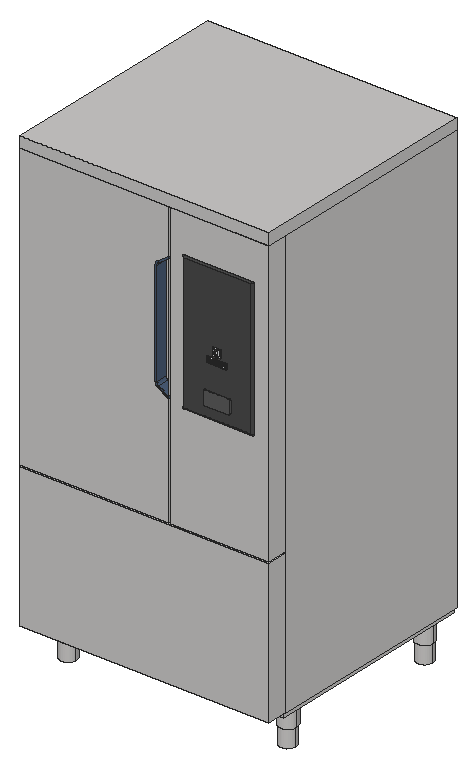
Revit family "QF_ELECTROLUXPROFESSIONAL_725427_EBFA11ET", category Attrezzature speciali, Revit 2018
Family settings
  Quota connettore circolare = Usa diametro
  Tipo di parte = Normale
  Basato su piano di lavoro = No
  Sempre verticale = Sì
  Taglio con vuoti quando caricato = No
  Condiviso = No
  Punto di calcolo locali = No
Parameters (values of type "Standard")
  Weight = 233.00 kg
  Watts = 4150 W
  Volts = 380 V
  URL Manufacturer = "https://www.electroluxprofessional.com/"
  URL = "https://www.electroluxprofessional.com/"
  Steam Supply Size = 0 mm
  Steam Supply Minimum Pressure = 0.0 Pa
  Steam Supply Maximum Pressure = 0.0 Pa
  Steam Consumption per Hour = 0
  Show Logo [instance] = yes
  Show Clearance [instance] = yes
  Refrigeration Suction Line Size = 0 mm
  Refrigeration Liquid Line Size = 0 mm
  Refrigerant Compressor Remote = yes
  Produttore = "Electrolux Professional"
  Phase = 3
  Modello = "EBFA11ET"
  Length Actual = 895 mm  # constant formula
  Item Number = "725427"
  Hot Water Size = 0 mm
  Height Actual = 1731 mm  # constant formula
  HP = "5.6 HP"
  Gas Size = 0 mm
  Gas KW = 0
  Gas Input Pressure = 0 W
  Direct Waste Size = 139.7 mm
  Descrizione = "SKYLINE CHILLS BLAST CHILLER FREEZER 50/50KG 10 GN 1/1 - WITH IOT MODULE"
  Depth Actual = 939 mm  # constant formula
  Cycle = 50 Hz
  Condensate Return Size = 0 mm
  Compressed Air Volume = 0.0 L/s
  Compressed Air Size = 0 mm
  Compressed Air Pressure = 0.0 Pa
  Cold Water Size = 0 mm
  Accessory = yes
Types (2, lengths in mm): name | URL | Produttore | Phase | Modello | Direct Waste Size | Descrizione
  (no name) | 0 | 0 | 0 | 0 | 0 | 0
  Standard | "https://www.electroluxprofessional.com/" | "Electrolux Professional" | 3 | "EBFA11ET" | 139.7 | "SKYLINE CHILLS BLAST CHILLER FREEZER 50/50KG 10 GN 1/1 - WITH IOT MODULE"
Values of the unnamed type that differ from the named types
  Weight = 0.00 kg
  Watts = 0 W
  Volts = 0 V
  URL Manufacturer = ""
  Item Number = ""
  HP = ""
  Cycle = 0 Hz
Reference planes
  plane 1 "Center X": y = 126.851
  plane 2: z = 0
  plane 3 "Center Y": x = -311.5
  plane 4 "LEFT": x = -759
  plane 5 "BACK": y = 549.851
  plane 6 "RIGHT": x = 136
  plane 7 "FRONT": y = -296.149
  plane 8: z = 130
  plane 9 "TOP": z = 1731
  plane 10: x = -707
  plane 11: y = 471.851
  plane 12: x = 84
  plane 13: y = -144.149
  plane 14: y = 642.851
  plane 15: z = 1691
  plane 16: y = -832.149
Forms (mm)
  Extrusion 1, solid, material "QF_Finishes_Stainless Steel"
    sketch origin (0, 0, 1731) x (-1, 0, 0) y (0, -1, 0)
      loop
        line (759, -549.851) -> (759, 219.149) -> (-136, 219.149) -> (-136, -549.851) -> (759, -549.851)
    from -40 to -1580.98
  Extrusion 2, solid, material "QF_Finishes_Stainless Steel"
    sketch origin (-85.727, 549.851, 1983) x (1, 0, 0) y (0, 0, -1)
      loop
        circle (121.727, 1473) r 10.5
    from 0 to 10
  Extrusion 3, solid, material "QF_Finishes_Stainless Steel"
    sketch origin (-1206.916, -1524, 130) x (-1, 0, 0) y (0, -1, 0)
      loop
        line (-447.916, -1227.851) -> (-1342.916, -1227.851) -> (-1342.916, -1302.851) -> (-447.916, -1302.851) -> (-447.916, -1227.851)
    from 532.599 to 20.02
  Extrusion 4, solid, material "QF_Finishes_Stainless Steel"
    sketch origin (-1206.916, -1524, 130) x (-1, 0, 0) y (0, -1, 0)
      loop
        line (-456.916, -2073.851) -> (-456.916, -1306.851) -> (-1333.916, -1306.851) -> (-1333.916, -2073.851) -> (-456.916, -2073.851)
    from 20 to 0
  Extrusion 5, solid, material "QF_Finishes_Stainless Steel"
    sketch origin (-1206.916, -1524, 130) x (0, -1, 0) y (-1, 0, 0)
      loop
        circle (-1675.851, -847.916) r 9.5
    from 0 to 31.68
  Extrusion 6, solid, material "QF_Finishes_Stainless Steel"
    sketch origin (-624, 0, 1479.05) x (1, 0, 0) y (0, 1, 0)
      loop
        line (760, -296.149) -> (760, -221.149) -> (407.057, -221.149) -> (407.057, -296.149) -> (760, -296.149)
    from 211.95 to -810.05
  Extrusion 7, solid, material "QF_Finishes_Stainless Steel"
    sketch origin (-1206.916, -1524, 1020) x (-1, 0, 0) y (0, -1, 0)
      loop
        line (-447.916, -2073.851) -> (-447.916, -1227.851) -> (-1342.916, -1227.851) -> (-1342.916, -2073.851) -> (-447.916, -2073.851)
    from 711 to 671
  Extrusion 8, solid, material "QF_Finishes_Stainless Steel"
    sketch origin (-928.341, 0, 1479.05) x (1, 0, 0) y (0, 1, 0)
      loop
        line (705.341, -296.149) -> (705.341, -221.149) -> (169.341, -221.149) -> (169.341, -296.149) -> (705.341, -296.149)
    from 211.95 to -810.05
  Extrusion 9, solid, material "QF_Finishes_Stainless Steel"
    sketch origin (-736.631, -0.954, 195.686) x (0, 1, 0) y (0, 0, 1)
      loop
        line (550.805, 694.306) -> (550.805, 392.314) -> (636.5, 399.789)
        arc (636.5, 399.789) -> (641.702, 402.354) -> (643.805, 407.759) r 8
        line (643.805, 407.759) -> (643.805, 433.233)
        arc (643.805, 433.233) -> (639.783, 442.547) -> (643.805, 451.86) r 12.795
        line (643.805, 451.86) -> (643.805, 483.24)
        arc (643.805, 483.24) -> (639.783, 492.554) -> (643.805, 501.867) r 12.795
        line (643.805, 501.867) -> (643.805, 533.247)
        arc (643.805, 533.247) -> (639.783, 542.56) -> (643.805, 551.874) r 12.795
        line (643.805, 551.874) -> (643.805, 583.254)
        arc (643.805, 583.254) -> (639.783, 592.567) -> (643.805, 601.881) r 12.795
        line (643.805, 601.881) -> (643.805, 634.796)
        arc (643.805, 634.796) -> (642.466, 639.795) -> (638.808, 643.455) r 10
        line (638.808, 643.455) -> (550.805, 694.306)
    from 618.187 to 801.865
  Extrusion 10, void
    sketch origin (23.369, 0, 1102.727) x (-1, 0, 0) y (0, -1, 0)
      loop
        line (132.09, -642.851) -> (141.813, -642.851) -> (141.813, -549.851) -> (140.183, -549.851) -> (132.09, -642.851)
      loop
        line (-39.234, -549.851) -> (-41.865, -549.851) -> (-41.865, -642.851) -> (-31.141, -642.851) -> (-39.234, -549.851)
    from -514.727 to -106.985
  Extrusion 11, void
    sketch origin (-170.341, -296.149, 1379.05) x (1, 0, 0) y (0, 0, -1)
      loop
        line (-53.659, 305.295) -> (-89.449, 281.572)
        arc (-89.449, 281.572) -> (-96.02, 274.362) -> (-98.399, 264.902) r 20
        line (-98.399, 264.902) -> (-98.399, -110.011)
        arc (-98.399, -110.011) -> (-96.143, -118.991) -> (-89.912, -125.838) r 19
        line (-89.912, -125.838) -> (-53.659, -149.92) -> (-53.659, 305.295)
    from 0 to 36
  Extrusion 12, solid, material "QF_Door-Drawer Clearances", visible <- "Show Clearance", detail levels coarse
    sketch origin (-678, 0, 1281.038) x (1, 0, 0) y (0, 1, 0)
      loop
        line (-81, -296.149) -> (-81, -832.149)
        arc (-81, -832.149) -> (298.009, -675.158) -> (455, -296.149) r 536
        line (455, -296.149) -> (-81, -296.149)
    from -612.038 to 409.962
  Extrusion 13, solid, material "QF_Finishes_Electrolux_Blue"
    sketch origin (-676.2, -299.149, 560.072) x (-1, 0, 0) y (0, 0, -1)
      loop
        line (-452.2, -968.898) -> (-415.947, -944.816)
        arc (-415.947, -944.816) -> (-409.716, -937.969) -> (-407.46, -928.989) r 19
        line (-407.46, -928.989) -> (-407.46, -554.076)
        arc (-407.46, -554.076) -> (-409.839, -544.616) -> (-416.41, -537.406) r 20
        line (-416.41, -537.406) -> (-452.2, -513.683) -> (-454.7, -513.683) -> (-454.7, -519.824) -> (-420.001, -542.824)
        arc (-420.001, -542.824) -> (-415.566, -547.691) -> (-413.96, -554.076) r 13.5
        line (-413.96, -554.076) -> (-413.96, -928.989)
        arc (-413.96, -928.989) -> (-415.444, -934.897) -> (-419.543, -939.401) r 12.5
        line (-419.543, -939.401) -> (-454.7, -962.755) -> (-454.7, -968.898) -> (-452.2, -968.898)
    from -39 to 1
Cuts and joins
  Extrusion 10 cuts Extrusion 1
  Extrusion 10 cuts Extrusion 2
  Extrusion 10 cuts Extrusion 4
  Extrusion 10 cuts Extrusion 5
  joined: Extrusion 1, Extrusion 2, Extrusion 4, Extrusion 5
  Extrusion 11 cuts Extrusion 8
  Extrusion 10 cuts Extrusion 9
Lines and regions (mm)
  symbolic lines
    curve 1: line (-759, 549.851, 1731) -> (136, 549.851, 1731)
    curve 2: line (-759, -296.149, 1731) -> (-759, 549.851, 1731)
    curve 3: line (136, 549.851, 1731) -> (136, -296.149, 1731)
    curve 4: line (-116.814, 549.851, 1731) -> (-108.722, 642.851, 1731)
    curve 5: line (-108.722, 642.851, 1731) -> (54.51, 642.851, 1731)
    curve 6: line (54.51, 642.851, 1731) -> (62.603, 549.851, 1731)
    curve 7: line (74.341, -301.149, 1731) -> (-163.659, -301.149, 1731)
    curve 8: line (-163.659, -301.149, 1731) -> (-171.659, -296.149, 1731)
    curve 9: line (74.341, -301.149, 1731) -> (82.341, -296.149, 1731)
    curve 10: line (-759, -296.149, 0) -> (137, -296.149, 0)
  symbolic lines, style "QF_Door-Drawer Clearances"
    curve 11: line (-759, -296.149, 0) -> (-759, -832.149, 0)
    curve 12: arc (-759, -832.149, 0) -> (-379.991, -675.158, 0) -> (-223, -296.149, 0) r 536
Dimensions and locks
  equal spacing: plane 4 "LEFT", plane 3 "Center Y", plane 6 "RIGHT"
  plane 4 "LEFT" to plane 6 "RIGHT" = 895 mm
  plane 5 "BACK" to plane 7 "FRONT" = 846 mm
  equal spacing: plane 5 "BACK", plane 1 "Center X", plane 7 "FRONT"
  cut or joined group of Extrusion 1, Extrusion 2, Extrusion 4, Extrusion 5, Extrusion 10 to Extrusion 2 sketch curve = 795 mm
  level to Extrusion 2 sketch curve = 510 mm
  plane 5 "BACK" to Extrusion 5 sketch curve = 398 mm
  plane 4 "LEFT" to Extrusion 5 sketch curve = 400 mm
  Extrusion 2 sketch curve to plane 4 "LEFT" = 795 mm
  plane 9 "TOP" to plane 8 to plane 2 = 1601 mm, 130 mm
  plane 9 "TOP" to level = 1731 mm
  locked: plane 9 "TOP" to plane 15 at 40
  plane 5 "BACK" to plane 16 = 1382 mm
  plane 14 to plane 7 "FRONT" = 939 mm
  aligned and locked: level to plane 2
  aligned and locked: plane 12 to nested 3
  aligned and locked: plane 12 to nested 2
  aligned and locked: plane 10 to nested 1
  aligned and locked: plane 10 to nested 4
  aligned and locked: nested 4 to plane 11
  aligned and locked: nested 3 to plane 11
  aligned and locked: nested 1 to plane 13
  aligned and locked: nested 2 to plane 13
  aligned and locked: plane 15 to Extrusion 1
  aligned and locked: plane 9 "TOP" to Extrusion 7
  aligned and locked: Extrusion 7 to plane 15
Automatic sketch dimensions
  curve 10 to plane 4 "LEFT" = 0 mm
  Extrusion 1 sketch curve to plane 5 "BACK" = 0 mm
  Extrusion 1 sketch curve to plane 6 "RIGHT" = 0 mm
  Extrusion 1 sketch curve to plane 4 "LEFT" = 0 mm
  Extrusion 1 sketch curve to plane 13 = 75 mm
  curve 1 to plane 5 "BACK" = 0 mm
  curve 1 to plane 6 "RIGHT" = 0 mm
  curve 6 to plane 14 = 0 mm
  curve 9 to plane 7 "FRONT" = 0 mm
  curve 8 to plane 7 "FRONT" = 0 mm
  curve 2 to plane 4 "LEFT" = 0 mm
  curve 3 to plane 7 "FRONT" = 0 mm
  curve 2 to plane 7 "FRONT" = 0 mm
  plane 3 "Center Y" to curve 6 = 366.01 mm
  curve 9 to plane 7 "FRONT" = 5 mm
  plane 3 "Center Y" to curve 9 = 385.841 mm
  plane 10 to curve 4 = 598.278 mm
  plane 10 to curve 8 = 543.341 mm
  curve 6 to curve 5 = 8.092 mm
  curve 9 to curve 7 = 8 mm
  curve 4 to curve 4 = 8.092 mm
  curve 7 to curve 8 = 8 mm
  Extrusion 3 sketch curve to plane 6 "RIGHT" = 0 mm
  Extrusion 3 sketch curve to plane 4 "LEFT" = 0 mm
  Extrusion 3 sketch curve to plane 7 "FRONT" = 0 mm
  Extrusion 3 sketch curve to Extrusion 3 sketch curve = 75 mm
  Extrusion 4 sketch curve to plane 5 "BACK" = 0 mm
  Extrusion 4 sketch curve to plane 6 "RIGHT" = 9 mm
  plane 4 "LEFT" to Extrusion 4 sketch curve = 9 mm
  Extrusion 4 sketch curve to plane 13 = 73 mm
  Extrusion 6 sketch curve to plane 7 "FRONT" = 0 mm
  Extrusion 6 sketch curve to plane 6 "RIGHT" = 0 mm
  plane 3 "Center Y" to Extrusion 6 sketch curve = 94.557 mm
  Extrusion 6 sketch curve to Extrusion 6 sketch curve = 75 mm
  Extrusion 7 sketch curve to plane 5 "BACK" = 0 mm
  Extrusion 7 sketch curve to plane 6 "RIGHT" = 0 mm
  Extrusion 7 sketch curve to plane 4 "LEFT" = 0 mm
  Extrusion 7 sketch curve to plane 7 "FRONT" = 0 mm
  Extrusion 8 sketch curve to plane 7 "FRONT" = 0 mm
  Extrusion 8 sketch curve to plane 6 "RIGHT" = 359 mm
  Extrusion 8 sketch curve to plane 3 "Center Y" = 447.5 mm
  Extrusion 8 sketch curve to Extrusion 8 sketch curve = 75 mm
  Extrusion 9 sketch curve to plane 5 "BACK" = 0 mm
  Extrusion 9 sketch curve to plane 14 = 0 mm  (x5)
  Extrusion 9 sketch curve to plane 14 = 10 mm
  Extrusion 9 sketch curve to plane 14 = 8 mm
  Extrusion 9 sketch curve to plane 14 = 7.305 mm
  Extrusion 9 sketch curve to plane 14 = 4.997 mm
  plane 14 to Extrusion 9 sketch curve = 8.773 mm  (x4)
  plane 8 to Extrusion 9 sketch curve = 458 mm
  Extrusion 9 sketch curve to Extrusion 9 sketch curve = 7.476 mm
  Extrusion 9 sketch curve to Extrusion 9 sketch curve = 25.474 mm
  Extrusion 9 sketch curve to Extrusion 9 sketch curve = 9.313 mm  (x4)
  Extrusion 9 sketch curve to Extrusion 9 sketch curve = 31.38 mm  (x3)
  Extrusion 9 sketch curve to Extrusion 9 sketch curve = 32.916 mm
  Extrusion 9 sketch curve to Extrusion 9 sketch curve = 50.851 mm
  Extrusion 10 sketch curve to plane 5 "BACK" = 0 mm  (x2)
  Extrusion 10 sketch curve to plane 14 = 0 mm  (x2)
  plane 3 "Center Y" to Extrusion 10 sketch curve = 376.733 mm
  Extrusion 10 sketch curve to Extrusion 10 sketch curve = 2.631 mm
  Extrusion 10 sketch curve to Extrusion 10 sketch curve = 10.723 mm
  plane 10 to Extrusion 10 sketch curve = 598.278 mm
  Extrusion 10 sketch curve to Extrusion 10 sketch curve = 8.092 mm
  Extrusion 10 sketch curve to Extrusion 10 sketch curve = 1.631 mm
  Extrusion 11 sketch curve to Extrusion 8 = 45.74 mm
  Extrusion 11 sketch curve to Extrusion 11 sketch curve = 8.487 mm
  Extrusion 11 sketch curve to Extrusion 11 sketch curve = 8.95 mm
  Extrusion 11 sketch curve to Extrusion 11 sketch curve = 10.513 mm
  Extrusion 11 sketch curve to Extrusion 11 sketch curve = 20 mm
  Extrusion 11 sketch curve to Extrusion 8 = 1 mm
  Extrusion 11 sketch curve to Extrusion 8 = 162.03 mm
  Extrusion 11 sketch curve to Extrusion 11 sketch curve = 24.082 mm
  Extrusion 11 sketch curve to Extrusion 8 = 445.149 mm
  Extrusion 11 sketch curve to Extrusion 11 sketch curve = 23.723 mm
  Extrusion 13 sketch curve to Extrusion 13 sketch curve = 0 mm  (x4)
  plane 3 "Center Y" to Extrusion 13 sketch curve = 90 mm  (x2)
  Extrusion 13 sketch curve to Extrusion 13 sketch curve = 2.5 mm  (x2)
  Extrusion 13 sketch curve to Extrusion 13 sketch curve = 27.24 mm
  Extrusion 13 sketch curve to Extrusion 13 sketch curve = 28.24 mm
  Extrusion 13 sketch curve to Extrusion 13 sketch curve = 7.459 mm
  Extrusion 13 sketch curve to Extrusion 13 sketch curve = 6.917 mm
  Extrusion 13 sketch curve to Extrusion 13 sketch curve = 3.591 mm
  Extrusion 13 sketch curve to Extrusion 13 sketch curve = 3.597 mm
  Extrusion 13 sketch curve to Extrusion 13 sketch curve = 5.583 mm
  Extrusion 13 sketch curve to Extrusion 13 sketch curve = 6.5 mm
  Extrusion 13 sketch curve to plane 15 = 162.03 mm
  Extrusion 13 sketch curve to Extrusion 13 sketch curve = 6.143 mm
  Extrusion 13 sketch curve to Extrusion 13 sketch curve = 17.939 mm
  Extrusion 13 sketch curve to Extrusion 13 sketch curve = 374.913 mm
  Extrusion 13 sketch curve to Extrusion 13 sketch curve = 23 mm
  Extrusion 13 sketch curve to Extrusion 13 sketch curve = 6.141 mm
  curve 10 to plane 7 "FRONT" = 0 mm
  plane 6 "RIGHT" to curve 10 = 1 mm
  Extrusion 12 sketch curve to plane 4 "LEFT" = 0 mm
  Extrusion 12 sketch curve to plane 7 "FRONT" = 0 mm
  Extrusion 12 sketch curve to plane 16 = 0 mm
  curve 11 to plane 16 = 0 mm
  radius of Extrusion 2 sketch curve = 10.5 mm
  radius of Extrusion 5 sketch curve = 9.5 mm
Nested families
  nested 1: "Foot_Complete" at (-707, -144.149, 0), type "Foot_Complete"
    with H 130 mm
  nested 2: "Foot_Complete" at (84, -144.149, 0), type "Foot_Complete"
    with H 130 mm
  nested 3: "Foot_Complete" at (84, 471.851, 0), type "Foot_Complete"
    with H 130 mm
  nested 4: "Foot_Complete" at (-707, 471.851, 0), type "Foot_Complete"
    with H 130 mm
  nested 5: "ELX_Touch" at (-44.659, -296.149, 1306) x (-1, 0, 0) z (0, -1, 0), type "ELX_Touch"
  nested 6: "ELX_Pro_Logo" at (-44.659, -301.149, 1266) x (1, 0, 0) z (0, -1, 0), type "ELX_Pro_Logo"
Connectors
  electrical at (36, 559.851, 510), driven by "Volts"
    settings: on Extrusion 2, index 5, voltage 380 V, apparent load 0 VA, apparent load phase1 0 VA, apparent load phase2 0 VA, apparent load phase3 0 VA, power factor 1, load classification "Altro", number of poles 1, system type 30, power factor state 1, is connector primary yes, connector utility no, sub classification motor no, connector description "Electrical Connection"
  piping at (-359, 151.851, 98.32), diameter 139.7, driven by "Direct Waste Size"
    settings: on cut or joined group of Extrusion 1, Extrusion 2, Extrusion 4, Extrusion 5, Extrusion 10, index 6, connector inside diameter 609.6 mm, connector length 0 mm, flow factor 0, pipe flow 0.0 L/s, pressure drop 0.0 Pa, fitting loss kfactor 0, connector angle 0.00°, fixture units 0, engagement length 0 mm, angle of deflection 0.00°, flow configuration 1, flow direction 2, fitting loss method 0, system type 16, joint type 0, gender type 0, connector reference index -1, connector utility 0, adjustable connector no, is connector primary yes, connector description "Drain"
Definition of nested family "Foot_Complete"
  Parameters
    R = 32 mm
    H = 150 mm
  Reference planes
    plane 1 "Centro (Fronte/Retro)": y = 0
    plane 2: z = 0
    plane 3 "Centro (Sinistra/Destra)": x = 0
    plane 4: z = 150
  Forms (mm)
    Revolve 1, solid
      sketch origin (255.05, 0, 608.09) x (0, 0, 1) y (-1, 0, 0)
        loop
          line (-608.09, 255.05) -> (-608.09, 226.55) -> (-544.09, 226.55) -> (-544.09, 223.05) -> (-458.09, 223.05) -> (-458.09, 255.05) -> (-608.09, 255.05)
        axis (-608.09, 255.05) -> (-458.09, 255.05)
      angle from 0 to 360
  Dimensions and locks
    locked: level to Revolve 1 sketch curve at 64
    "R": Revolve 1 sketch curve to plane 3 "Centro (Sinistra/Destra)"
    "H": plane 4 to level
    aligned and locked: level to plane 2
    aligned and locked: plane 4 to Revolve 1 sketch curve
    aligned and locked: Revolve 1 sketch curve to level
    aligned and locked: plane 3 "Centro (Sinistra/Destra)" to Revolve 1 sketch curve
  Automatic sketch dimensions
    Revolve 1 sketch curve to plane 3 "Centro (Sinistra/Destra)" = 0 mm
    plane 3 "Centro (Sinistra/Destra)" to Revolve 1 sketch curve = 28.5 mm
    Revolve 1 sketch curve to Revolve 1 sketch curve = 50 mm
    Revolve 1 sketch curve to Revolve 1 sketch curve = 20 mm
Definition of nested family "ELX_Touch"
  Parameters
    Default Elevation = 1219.2 mm
  Reference planes
    plane 1 "Centro (Fronte/Retro)": y = 0
    plane 2: z = 0
    plane 3 "Centro (Sinistra/Destra)": x = 0
  Forms (mm)
    Extrusion 1, solid
      sketch origin (0, 0, 0) x (1, 0, 0) y (0, 1, 0)
        loop
          line (-1219.2, 1219.2) -> (-1219.2, -1219.2) -> (1219.2, -1219.2) -> (1219.2, 1219.2) -> (-1219.2, 1219.2)
      from 0 to -304.8
    Extrusion 2, solid
      sketch origin (0, 0, 5) x (1, 0, 0) y (0, 1, 0)
        loop
          line (-47, -160) -> (-47, -202)
          arc (-47, -202) -> (-45.536, -205.535) -> (-42, -207) r 5
          line (-42, -207) -> (42, -207)
          arc (42, -207) -> (45.536, -205.535) -> (47, -202) r 5
          line (47, -202) -> (47, -160)
          arc (47, -160) -> (45.536, -156.465) -> (42, -155) r 5
          line (42, -155) -> (-42, -155)
          arc (-42, -155) -> (-45.536, -156.465) -> (-47, -160) r 5
      from 0 to 2
    Blend 3, solid
      base sketch origin (0, 0, 0) x (1, 0, 0) y (0, 1, 0)
        loop
          line (-127, 244) -> (-127, -244)
          arc (-127, -244) -> (-125.536, -247.536) -> (-122, -249) r 5
          line (-122, -249) -> (122, -249)
          arc (122, -249) -> (125.536, -247.536) -> (127, -244) r 5
          line (127, -244) -> (127, 244)
          arc (127, 244) -> (125.536, 247.536) -> (122, 249) r 5
          line (122, 249) -> (-122, 249)
          arc (-122, 249) -> (-125.536, 247.536) -> (-127, 244) r 5
      top sketch origin (0, 0, 0) x (1, 0, 0) y (0, 1, 0)
        loop
          line (-119, -241) -> (119, -241) -> (119, 241) -> (-119, 241) -> (-119, -241)
      from 0 to 5
  Lines and regions (mm)
    Split face 1
      outline origin (0, 0, 5) x (1, 0, 0) y (0, 1, 0)
        loop
          line (-70.506, 46.167) -> (70.506, 46.167) -> (70.506, 214.829) -> (-70.506, 214.829) -> (-70.506, 46.167)
    Split face 2
      outline origin (0, 0, 5) x (1, 0, 0) y (0, 1, 0)
        loop
          line (-47.467, 50.825) -> (47.467, 50.825) -> (47.467, 210.171) -> (-47.467, 210.171) -> (-47.467, 50.825)
    Split face 3
      outline origin (0, 0, 5) x (1, 0, 0) y (0, 1, 0)
        loop
          line (-70.521, -215.33) -> (70.521, -215.33) -> (70.521, -146.67) -> (-70.521, -146.67) -> (-70.521, -215.33)
    Split face 4
      outline origin (0, 0, 5) x (1, 0, 0) y (0, 1, 0)
        loop
          line (-119, 201.163) -> (-70.506, 201.163)
        loop
          line (70.506, 201.163) -> (119, 201.163)
        loop
          line (70.521, -200.849) -> (119, -200.849)
        loop
          line (-119, -200.849) -> (-70.521, -200.849)
  Dimensions and locks
    aligned and locked: plane 2 to Extrusion 1
    aligned and locked: level to Extrusion 1
Definition of nested family "ELX_Pro_Logo"
  Parameters (values of type "ELX_Pro_Logo")
    M = none
    Default Elevation = 0 mm
  Reference planes
    plane 1 "Centro (Fronte/Retro)": y = 0
    plane 2: z = 0
    plane 3 "Centro (Sinistra/Destra)": x = 0
  Forms (mm)
    Extrusion 1, solid
      sketch origin (0, 0, 0) x (1, 0, 0) y (0, 1, 0)
        loop
          line (-1219.2, 1219.2) -> (-1219.2, -1219.2) -> (1219.2, -1219.2) -> (1219.2, 1219.2) -> (-1219.2, 1219.2)
      from 0 to -304.8
    Extrusion 2, solid, material <- "M"
      sketch origin (-144.622, -1081.55, 0) x (-1, 0, 0) y (0, -1, 0)
        loop
          line (-111.329, -1069.559) -> (-111.329, -1071.073) -> (-116.048, -1071.073) -> (-116.048, -1072.896) -> (-111.328, -1072.896) -> (-111.328, -1075.549) -> (-116.349, -1075.549) -> (-116.349, -1077.368) -> (-109.396, -1077.368) -> (-109.396, -1073.46) -> (-109.396, -1069.659)
          arc (-109.396, -1069.659) -> (-110.425, -1067.175) -> (-112.909, -1066.146) r 3.513
          line (-112.909, -1066.146) -> (-116.483, -1066.146) -> (-116.483, -1067.963) -> (-112.925, -1067.963)
          arc (-112.925, -1067.963) -> (-111.797, -1068.431) -> (-111.329, -1069.559) r 1.596
        loop
          line (-119.79, -1077.358) -> (-117.856, -1077.358) -> (-117.856, -1072.053) -> (-117.856, -1066.132) -> (-119.79, -1066.132) -> (-119.79, -1072.092) -> (-119.79, -1077.358)
        loop
          line (-122.986, -1069.718) -> (-129.327, -1069.718)
          arc (-129.327, -1069.718) -> (-129.219, -1071.449) -> (-128.497, -1073.026) r 4.757
          arc (-128.497, -1073.026) -> (-125.237, -1074.5) -> (-121.978, -1073.026) r 4.34
          arc (-121.978, -1073.026) -> (-121.072, -1070.207) -> (-121.978, -1067.388) r 4.838
          arc (-121.978, -1067.388) -> (-125.393, -1065.933) -> (-128.809, -1067.388) r 4.737
          line (-128.809, -1067.388) -> (-127.645, -1068.52)
          arc (-127.645, -1068.52) -> (-125.509, -1067.576) -> (-123.374, -1068.52) r 2.888
          arc (-123.374, -1068.52) -> (-123.05, -1069.077) -> (-122.986, -1069.718) r 1.527
        loop
          arc (-127.386, -1071.076) -> (-126.67, -1072.331) -> (-125.331, -1072.872) r 2.201
          arc (-125.331, -1072.872) -> (-123.848, -1072.402) -> (-123.033, -1071.076) r 2.23
          line (-123.033, -1071.076) -> (-127.386, -1071.076)
        loop
          line (-136.862, -1071.886) -> (-138.059, -1073.132)
          arc (-138.059, -1073.132) -> (-130.327, -1070.219) -> (-138.059, -1067.306) r 4.415
          line (-138.059, -1067.306) -> (-136.862, -1068.553)
          arc (-136.862, -1068.553) -> (-132.252, -1070.22) -> (-136.862, -1071.886) r 2.606
        loop
          line (-141.192, -1069.673) -> (-141.192, -1072.494) -> (-142.951, -1072.494) -> (-142.951, -1074.25) -> (-141.195, -1074.25) -> (-141.195, -1077.358) -> (-139.262, -1077.358) -> (-139.262, -1073.332) -> (-139.262, -1069.514)
          arc (-139.262, -1069.514) -> (-140.299, -1066.92) -> (-142.98, -1066.132) r 3.196
          line (-142.98, -1066.132) -> (-142.987, -1067.949)
          arc (-142.987, -1067.949) -> (-141.652, -1068.356) -> (-141.192, -1069.673) r 1.542
        loop
          line (-146.494, -1073.042) -> (-146.494, -1074.25) -> (-144.576, -1074.25) -> (-144.576, -1070.271) -> (-144.576, -1066.132) -> (-146.494, -1066.132) -> (-146.494, -1070.401)
          arc (-146.494, -1070.401) -> (-147.446, -1072.228) -> (-149.489, -1072.494) r 2.229
          line (-149.489, -1072.494) -> (-149.489, -1074.362)
          arc (-149.489, -1074.362) -> (-147.761, -1074.226) -> (-146.494, -1073.042) r 2.627
        loop
          line (-159.833, -1072.246) -> (-159.833, -1066.131) -> (-161.767, -1066.131) -> (-161.767, -1072.17) -> (-161.767, -1077.359) -> (-159.833, -1077.359) -> (-159.833, -1072.246)
        loop
          line (-165.194, -1069.514) -> (-165.194, -1074.25) -> (-163.245, -1074.25) -> (-163.245, -1071.898) -> (-163.245, -1069.098)
          arc (-163.245, -1069.098) -> (-166.96, -1065.769) -> (-170.687, -1069.085) r 3.745
          line (-170.687, -1069.085) -> (-170.687, -1071.898) -> (-170.687, -1074.25) -> (-168.739, -1074.25) -> (-168.739, -1069.514)
          arc (-168.739, -1069.514) -> (-166.967, -1067.742) -> (-165.194, -1069.514) r 1.772
        loop
          line (-174.654, -1070.416) -> (-172.975, -1068.078) -> (-171.578, -1066.131) -> (-173.656, -1066.131) -> (-175.717, -1068.999) -> (-177.779, -1066.131) -> (-179.857, -1066.131) -> (-178, -1068.728) -> (-176.781, -1070.433) -> (-178.29, -1072.488) -> (-179.583, -1074.25) -> (-177.473, -1074.25) -> (-175.717, -1071.818) -> (-173.945, -1074.25) -> (-171.852, -1074.25) -> (-173.052, -1072.608) -> (-174.654, -1070.416)
        loop
          circle (-154.223, -1070.188) r 2.508
        loop
          circle (-154.223, -1070.188) r 4.42
        loop
          line (-110.224, -1058.542) -> (-111.194, -1058.542)
          arc (-111.194, -1058.542) -> (-112.217, -1059.95) -> (-110.924, -1061.114) r 1.3
          line (-110.924, -1061.114) -> (-109.424, -1061.114) -> (-109.424, -1057.223) -> (-110.224, -1057.223) -> (-110.224, -1058.542)
        loop
          line (-110.224, -1060.379) -> (-110.224, -1059.293) -> (-111.03, -1059.293)
          arc (-111.03, -1059.293) -> (-111.43, -1059.836) -> (-111.03, -1060.379) r 0.569
          line (-111.03, -1060.379) -> (-110.224, -1060.379)
        loop
          line (-116.302, -1058.564) -> (-117.128, -1058.564) -> (-117.934, -1057.223) -> (-118.841, -1057.223) -> (-117.833, -1058.884)
          arc (-117.833, -1058.884) -> (-118.214, -1060.282) -> (-117.028, -1061.114) r 1.26
          line (-117.028, -1061.114) -> (-115.503, -1061.114) -> (-115.503, -1057.223) -> (-116.302, -1057.223) -> (-116.302, -1058.564)
        loop
          line (-116.302, -1060.379) -> (-116.302, -1059.293) -> (-117.109, -1059.293)
          arc (-117.109, -1059.293) -> (-117.508, -1059.836) -> (-117.109, -1060.379) r 0.569
          line (-117.109, -1060.379) -> (-116.302, -1060.379)
        loop
          line (-128.923, -1057.223) -> (-129.723, -1057.223) -> (-129.723, -1058.714) -> (-131.187, -1058.714) -> (-131.187, -1059.514) -> (-129.723, -1059.514) -> (-129.723, -1060.314) -> (-131.327, -1060.314) -> (-131.327, -1061.114) -> (-128.923, -1061.114) -> (-128.923, -1057.223)
        loop
          arc (-134.628, -1058.469) -> (-134.992, -1057.588) -> (-135.874, -1057.223) r 1.246
          line (-135.874, -1057.223) -> (-137.13, -1057.223) -> (-137.13, -1058.023) -> (-135.969, -1058.023)
          arc (-135.969, -1058.023) -> (-135.53, -1058.237) -> (-135.427, -1058.714) r 0.558
          line (-135.427, -1058.714) -> (-136.984, -1058.714) -> (-136.984, -1059.514) -> (-135.427, -1059.514) -> (-135.427, -1060.314) -> (-137.092, -1060.314) -> (-137.092, -1061.114) -> (-134.628, -1061.114) -> (-134.628, -1058.469)
        loop
          line (-152.3, -1057.223) -> (-153.1, -1057.223) -> (-153.1, -1061.114) -> (-152.3, -1061.114) -> (-152.3, -1057.223)
        loop
          line (-164.67, -1057.223) -> (-164.67, -1059.67) -> (-166.45, -1057.223) -> (-167.25, -1057.223) -> (-167.25, -1061.114) -> (-166.42, -1061.114) -> (-166.42, -1058.594) -> (-164.64, -1061.114) -> (-163.84, -1061.114) -> (-163.84, -1057.223) -> (-164.67, -1057.223)
        loop
          line (-170.403, -1057.223) -> (-171.262, -1057.223) -> (-171.641, -1058.063) -> (-173.08, -1058.063) -> (-173.459, -1057.223) -> (-174.317, -1057.223) -> (-172.796, -1061.113) -> (-171.996, -1061.113) -> (-170.403, -1057.223)
        loop
          line (-177.493, -1057.223) -> (-179.789, -1057.223) -> (-179.789, -1058.023) -> (-178.293, -1058.023) -> (-178.293, -1061.114) -> (-177.493, -1061.114) -> (-177.493, -1057.223)
        loop
          line (-172.362, -1059.848) -> (-171.945, -1058.83) -> (-172.76, -1058.83) -> (-172.362, -1059.848)
        loop
          circle (-158.484, -1059.145) r 1.288
        loop
          circle (-158.484, -1059.145) r 2.065
        loop
          arc (-146.04, -1058.095) -> (-146.933, -1057.275) -> (-148.145, -1057.245) r 1.725
          arc (-148.145, -1057.245) -> (-148.965, -1058.02) -> (-148.68, -1059.111) r 1.107
          arc (-148.68, -1059.111) -> (-148.103, -1059.465) -> (-147.486, -1059.746) r 5.523
          arc (-147.486, -1059.746) -> (-147.147, -1060.262) -> (-147.708, -1060.52) r 0.407
          arc (-147.708, -1060.52) -> (-148.045, -1060.315) -> (-148.325, -1060.038) r 1.702
          line (-148.325, -1060.038) -> (-149.011, -1060.45)
          arc (-149.011, -1060.45) -> (-148.578, -1060.911) -> (-148.043, -1061.247) r 2.463
          arc (-148.043, -1061.247) -> (-146.373, -1060.466) -> (-147.42, -1058.949) r 1.207
          spline (-147.42, -1058.949) -> (-147.716, -1058.809) -> (-147.932, -1058.678) -> (-148.077, -1058.557) -> (-148.163, -1058.446) -> (-148.198, -1058.347) -> (-148.192, -1058.258) -> (-148.157, -1058.182) -> (-148.102, -1058.118) -> (-148.037, -1058.068) -> (-147.972, -1058.031) -> (-147.917, -1058.008) -> (-147.883, -1058)
          arc (-147.883, -1058) -> (-147.238, -1058.014) -> (-146.759, -1058.446) r 0.925
          line (-146.759, -1058.446) -> (-146.04, -1058.095)
        loop
          arc (-140.18, -1058.095) -> (-141.073, -1057.275) -> (-142.285, -1057.245) r 1.725
          arc (-142.285, -1057.245) -> (-143.106, -1058.02) -> (-142.821, -1059.111) r 1.107
          arc (-142.821, -1059.111) -> (-142.243, -1059.465) -> (-141.627, -1059.746) r 5.523
          arc (-141.627, -1059.746) -> (-141.287, -1060.262) -> (-141.849, -1060.52) r 0.407
          arc (-141.849, -1060.52) -> (-142.185, -1060.315) -> (-142.466, -1060.038) r 1.702
          line (-142.466, -1060.038) -> (-143.151, -1060.45)
          arc (-143.151, -1060.45) -> (-142.719, -1060.911) -> (-142.183, -1061.247) r 2.463
          arc (-142.183, -1061.247) -> (-140.513, -1060.466) -> (-141.56, -1058.949) r 1.207
          spline (-141.56, -1058.949) -> (-141.856, -1058.809) -> (-142.072, -1058.678) -> (-142.218, -1058.557) -> (-142.303, -1058.446) -> (-142.338, -1058.347) -> (-142.333, -1058.258) -> (-142.298, -1058.182) -> (-142.242, -1058.118) -> (-142.177, -1058.068) -> (-142.112, -1058.031) -> (-142.057, -1058.008) -> (-142.023, -1058)
          arc (-142.023, -1058) -> (-141.378, -1058.014) -> (-140.9, -1058.446) r 0.925
          line (-140.9, -1058.446) -> (-140.18, -1058.095)
        loop
          circle (-123.484, -1059.145) r 1.288
        loop
          circle (-123.484, -1059.145) r 2.065
        loop
          line (-130.225, -1113.361) -> (-130.225, -1084.645) -> (-158.979, -1084.645) -> (-158.979, -1113.361) -> (-130.225, -1113.361)
        loop
          arc (-148.442, -1086.055) -> (-157.992, -1098.973) -> (-148.442, -1111.892) r 13.512
          line (-148.442, -1111.892) -> (-148.442, -1086.055)
        loop
          line (-147.127, -1086.055) -> (-147.127, -1087.926)
          arc (-147.127, -1087.926) -> (-143.116, -1095.125) -> (-135.48, -1098.224) r 12.412
          line (-135.48, -1098.224) -> (-131.205, -1098.224)
          arc (-131.205, -1098.224) -> (-136.382, -1088.497) -> (-147.127, -1086.055) r 13.242
        loop
          line (-147.127, -1110.021) -> (-147.127, -1112.224)
          arc (-147.127, -1112.224) -> (-136.374, -1109.53) -> (-131.205, -1099.722) r 13.588
          line (-131.205, -1099.722) -> (-135.48, -1099.722)
          arc (-135.48, -1099.722) -> (-143.116, -1102.822) -> (-147.127, -1110.021) r 12.412
      from 0 to 1.6
  Lines and regions (mm)
    symbolic lines
      curve 1: line (-14.357, 31.811, 0) -> (14.357, 31.811, 0)
      curve 2: line (-14.357, 3.095, 0) -> (-14.357, 31.811, 0)
      curve 3: line (14.357, 3.095, 0) -> (-14.357, 3.095, 0)
      curve 4: line (14.357, 31.811, 0) -> (14.357, 3.095, 0)
      curve 5: line (-8.32, 7.722, 0) -> (-9.387, 8.738, 0)
      curve 6: line (-9.387, 8.738, 0) -> (-10.331, 9.866, 0)
      curve 7: line (-10.331, 9.866, 0) -> (-11.141, 11.095, 0)
      curve 8: line (-11.141, 11.095, 0) -> (-11.805, 12.411, 0)
      curve 9: line (-11.805, 12.411, 0) -> (-12.31, 13.803, 0)
      curve 10: line (-12.31, 13.803, 0) -> (-12.646, 15.26, 0)
      curve 11: line (-12.646, 15.26, 0) -> (-12.8, 16.77, 0)
      curve 12: line (-12.8, 16.77, 0) -> (-10.081, 16.77, 0)
      curve 13: line (-10.081, 16.77, 0) -> (-8.466, 16.661, 0)
      curve 14: line (-8.466, 16.661, 0) -> (-6.88, 16.344, 0)
      curve 15: line (-6.88, 16.344, 0) -> (-5.345, 15.833, 0)
      curve 16: line (-5.345, 15.833, 0) -> (-3.882, 15.143, 0)
      curve 17: line (-3.882, 15.143, 0) -> (-2.511, 14.288, 0)
      curve 18: line (-2.511, 14.288, 0) -> (-1.255, 13.283, 0)
      curve 19: line (-1.255, 13.283, 0) -> (-0.135, 12.143, 0)
      curve 20: line (-0.135, 12.143, 0) -> (0.83, 10.882, 0)
      curve 21: line (0.83, 10.882, 0) -> (1.616, 9.515, 0)
      curve 22: arc (1.616, 9.515, 0) -> (2.419, 7.28, 0) -> (2.7, 4.923, 0) r 10.532
      curve 23: arc (2.7, 4.923, 0) -> (1.362, 4.715, 0) -> (0.011, 4.633, 0) r 14.39
      curve 24: line (0.011, 4.633, 0) -> (-1.56, 4.731, 0)
      curve 25: line (-1.56, 4.731, 0) -> (-3.062, 5.011, 0)
      curve 26: line (-3.062, 5.011, 0) -> (-4.502, 5.462, 0)
      curve 27: line (-4.502, 5.462, 0) -> (-5.866, 6.072, 0)
      curve 28: line (-5.866, 6.072, 0) -> (-7.142, 6.829, 0)
      curve 29: line (-7.142, 6.829, 0) -> (-8.32, 7.722, 0)
      curve 30: line (-10.802, 24.24, 0) -> (-9.872, 25.531, 0)
      curve 31: line (-9.872, 25.531, 0) -> (-8.796, 26.699, 0)
      curve 32: line (-8.796, 26.699, 0) -> (-7.587, 27.728, 0)
      curve 33: line (-7.587, 27.728, 0) -> (-6.258, 28.602, 0)
      curve 34: line (-6.258, 28.602, 0) -> (-4.823, 29.309, 0)
      curve 35: line (-4.823, 29.309, 0) -> (-3.293, 29.832, 0)
      curve 36: line (-3.293, 29.832, 0) -> (-1.683, 30.156, 0)
      curve 37: arc (-1.683, 30.156, 0) -> (0.517, 30.256, 0) -> (2.702, 29.984, 0) r 13.008
      curve 38: arc (2.702, 29.984, 0) -> (2.453, 27.616, 0) -> (1.617, 25.387, 0) r 9.395
      curve 39: line (1.617, 25.387, 0) -> (0.83, 24.018, 0)
      curve 40: line (0.83, 24.018, 0) -> (-0.134, 22.756, 0)
      curve 41: line (-0.134, 22.756, 0) -> (-1.255, 21.615, 0)
      curve 42: line (-1.255, 21.615, 0) -> (-2.512, 20.609, 0)
      curve 43: line (-2.512, 20.609, 0) -> (-3.882, 19.754, 0)
      curve 44: line (-3.882, 19.754, 0) -> (-5.346, 19.063, 0)
      curve 45: line (-5.346, 19.063, 0) -> (-6.881, 18.551, 0)
      curve 46: line (-6.881, 18.551, 0) -> (-8.467, 18.234, 0)
      curve 47: line (-8.467, 18.234, 0) -> (-10.083, 18.125, 0)
      curve 48: line (-10.083, 18.125, 0) -> (-12.798, 18.125, 0)
      curve 49: line (-12.798, 18.125, 0) -> (-12.584, 19.768, 0)
      curve 50: line (-12.584, 19.768, 0) -> (-12.171, 21.343, 0)
      curve 51: line (-12.171, 21.343, 0) -> (-11.572, 22.839, 0)
      curve 52: line (-11.572, 22.839, 0) -> (-10.802, 24.24, 0)
      curve 53: line (4.048, 5.294, 0) -> (4.048, 29.617, 0)
      curve 54: line (4.048, 29.617, 0) -> (5.525, 29.026, 0)
      curve 55: line (5.525, 29.026, 0) -> (6.905, 28.26, 0)
      curve 56: line (6.905, 28.26, 0) -> (8.174, 27.332, 0)
      curve 57: line (8.174, 27.332, 0) -> (9.318, 26.256, 0)
      curve 58: line (9.318, 26.256, 0) -> (10.323, 25.046, 0)
      curve 59: line (10.323, 25.046, 0) -> (11.177, 23.715, 0)
      curve 60: line (11.177, 23.715, 0) -> (11.865, 22.277, 0)
      curve 61: line (11.865, 22.277, 0) -> (12.375, 20.746, 0)
      curve 62: line (12.375, 20.746, 0) -> (12.693, 19.135, 0)
      curve 63: line (12.693, 19.135, 0) -> (12.804, 17.459, 0)
      curve 64: line (12.804, 17.459, 0) -> (12.702, 15.807, 0)
      curve 65: line (12.702, 15.807, 0) -> (12.396, 14.216, 0)
      curve 66: line (12.396, 14.216, 0) -> (11.897, 12.7, 0)
      curve 67: line (11.897, 12.7, 0) -> (11.218, 11.271, 0)
      curve 68: line (11.218, 11.271, 0) -> (10.372, 9.944, 0)
      curve 69: line (10.372, 9.944, 0) -> (9.37, 8.731, 0)
      curve 70: line (9.37, 8.731, 0) -> (8.224, 7.646, 0)
      curve 71: line (8.224, 7.646, 0) -> (6.947, 6.703, 0)
      curve 72: line (6.947, 6.703, 0) -> (5.551, 5.914, 0)
      curve 73: line (5.551, 5.914, 0) -> (4.048, 5.294, 0)
      curve 74: line (-35.227, -8.09, 0) -> (-35.227, -11.891, 0)
      curve 75: arc (-35.227, -11.891, 0) -> (-34.198, -14.375, 0) -> (-31.714, -15.404, 0) r 3.513
      curve 76: line (-31.714, -15.404, 0) -> (-28.139, -15.404, 0)
      curve 77: line (-28.139, -15.404, 0) -> (-28.139, -13.587, 0)
      curve 78: line (-28.139, -13.587, 0) -> (-31.697, -13.587, 0)
      curve 79: arc (-31.697, -13.587, 0) -> (-32.826, -13.119, 0) -> (-33.293, -11.991, 0) r 1.596
      curve 80: line (-33.293, -11.991, 0) -> (-33.293, -10.477, 0)
      curve 81: line (-33.293, -10.477, 0) -> (-28.574, -10.477, 0)
      curve 82: line (-28.574, -10.477, 0) -> (-28.574, -8.654, 0)
      curve 83: line (-28.574, -8.654, 0) -> (-33.294, -8.654, 0)
      curve 84: line (-33.294, -8.654, 0) -> (-33.294, -6.001, 0)
      curve 85: line (-33.294, -6.001, 0) -> (-28.273, -6.001, 0)
      curve 86: line (-28.273, -6.001, 0) -> (-28.273, -4.182, 0)
      curve 87: line (-28.273, -4.182, 0) -> (-35.227, -4.182, 0)
      curve 88: line (-35.227, -4.182, 0) -> (-35.227, -8.09, 0)
      curve 89: line (-24.833, -9.458, 0) -> (-24.833, -4.192, 0)
      curve 90: line (-24.833, -4.192, 0) -> (-26.766, -4.192, 0)
      curve 91: line (-26.766, -4.192, 0) -> (-26.766, -9.497, 0)
      curve 92: line (-26.766, -9.497, 0) -> (-26.766, -15.418, 0)
      curve 93: line (-26.766, -15.418, 0) -> (-24.833, -15.418, 0)
      curve 94: line (-24.833, -15.418, 0) -> (-24.833, -9.458, 0)
      curve 95: arc (-16.125, -8.524, 0) -> (-19.385, -7.05, 0) -> (-22.645, -8.524, 0) r 4.34
      curve 96: arc (-22.645, -8.524, 0) -> (-23.551, -11.343, 0) -> (-22.645, -14.162, 0) r 4.838
      curve 97: arc (-22.645, -14.162, 0) -> (-19.229, -15.617, 0) -> (-15.813, -14.162, 0) r 4.737
      curve 98: line (-15.813, -14.162, 0) -> (-16.978, -13.03, 0)
      curve 99: arc (-16.978, -13.03, 0) -> (-19.113, -13.974, 0) -> (-21.249, -13.03, 0) r 2.888
      curve 100: arc (-21.249, -13.03, 0) -> (-21.572, -12.473, 0) -> (-21.637, -11.832, 0) r 1.527
      curve 101: line (-21.637, -11.832, 0) -> (-15.295, -11.832, 0)
      curve 102: arc (-15.295, -11.832, 0) -> (-15.404, -10.101, 0) -> (-16.125, -8.524, 0) r 4.757
      curve 103: line (-17.236, -10.474, 0) -> (-21.589, -10.474, 0)
      curve 104: arc (-21.589, -10.474, 0) -> (-20.774, -9.148, 0) -> (-19.291, -8.678, 0) r 2.23
      curve 105: arc (-19.291, -8.678, 0) -> (-17.952, -9.219, 0) -> (-17.236, -10.474, 0) r 2.201
      curve 106: arc (-6.563, -8.418, 0) -> (-14.295, -11.331, 0) -> (-6.563, -14.244, 0) r 4.415
      curve 107: line (-6.563, -14.244, 0) -> (-7.761, -12.997, 0)
      curve 108: arc (-7.761, -12.997, 0) -> (-12.371, -11.33, 0) -> (-7.761, -9.664, 0) r 2.606
      curve 109: line (-7.761, -9.664, 0) -> (-6.563, -8.418, 0)
      curve 110: line (-5.361, -4.192, 0) -> (-5.361, -8.218, 0)
      curve 111: line (-5.361, -8.218, 0) -> (-5.361, -12.036, 0)
      curve 112: arc (-5.361, -12.036, 0) -> (-4.323, -14.63, 0) -> (-1.642, -15.418, 0) r 3.196
      curve 113: line (-1.642, -15.418, 0) -> (-1.636, -13.601, 0)
      curve 114: arc (-1.636, -13.601, 0) -> (-2.97, -13.194, 0) -> (-3.43, -11.877, 0) r 1.542
      curve 115: line (-3.43, -11.877, 0) -> (-3.43, -9.056, 0)
      curve 116: line (-3.43, -9.056, 0) -> (-1.672, -9.056, 0)
      curve 117: line (-1.672, -9.056, 0) -> (-1.672, -7.299, 0)
      curve 118: line (-1.672, -7.299, 0) -> (-3.427, -7.299, 0)
      curve 119: line (-3.427, -7.299, 0) -> (-3.427, -4.192, 0)
      curve 120: line (-3.427, -4.192, 0) -> (-5.361, -4.192, 0)
      curve 121: line (1.872, -7.3, 0) -> (-0.046, -7.3, 0)
      curve 122: line (-0.046, -7.3, 0) -> (-0.046, -11.279, 0)
      curve 123: line (-0.046, -11.279, 0) -> (-0.046, -15.418, 0)
      curve 124: line (-0.046, -15.418, 0) -> (1.872, -15.418, 0)
      curve 125: line (1.872, -15.418, 0) -> (1.872, -11.149, 0)
      curve 126: arc (1.872, -11.149, 0) -> (2.824, -9.322, 0) -> (4.867, -9.056, 0) r 2.229
      curve 127: line (4.867, -9.056, 0) -> (4.867, -7.188, 0)
      curve 128: arc (4.867, -7.188, 0) -> (3.138, -7.324, 0) -> (1.872, -8.508, 0) r 2.627
      curve 129: line (1.872, -8.508, 0) -> (1.872, -7.3, 0)
      curve 130: arc (7.092, -11.362, 0) -> (9.601, -8.854, 0) -> (12.109, -11.362, 0) r 2.508
      curve 131: arc (12.109, -11.362, 0) -> (9.601, -13.871, 0) -> (7.092, -11.362, 0) r 2.508
      curve 132: arc (5.18, -11.362, 0) -> (9.601, -15.783, 0) -> (14.021, -11.362, 0) r 4.42
      curve 133: arc (14.021, -11.362, 0) -> (9.601, -6.942, 0) -> (5.18, -11.362, 0) r 4.42
      curve 134: line (15.211, -4.191, 0) -> (15.211, -9.304, 0)
      curve 135: line (15.211, -9.304, 0) -> (15.211, -15.419, 0)
      curve 136: line (15.211, -15.419, 0) -> (17.145, -15.419, 0)
      curve 137: line (17.145, -15.419, 0) -> (17.145, -9.38, 0)
      curve 138: line (17.145, -9.38, 0) -> (17.145, -4.191, 0)
      curve 139: line (17.145, -4.191, 0) -> (15.211, -4.191, 0)
      curve 140: line (18.622, -7.299, 0) -> (18.622, -9.652, 0)
      curve 141: line (18.622, -9.652, 0) -> (18.622, -12.452, 0)
      curve 142: arc (18.622, -12.452, 0) -> (22.338, -15.781, 0) -> (26.064, -12.465, 0) r 3.745
      curve 143: line (26.064, -12.465, 0) -> (26.064, -9.652, 0)
      curve 144: line (26.064, -9.652, 0) -> (26.064, -7.299, 0)
      curve 145: line (26.064, -7.299, 0) -> (24.116, -7.299, 0)
      curve 146: line (24.116, -7.299, 0) -> (24.116, -12.036, 0)
      curve 147: arc (24.116, -12.036, 0) -> (22.344, -13.808, 0) -> (20.572, -12.036, 0) r 1.772
      curve 148: line (20.572, -12.036, 0) -> (20.572, -7.299, 0)
      curve 149: line (20.572, -7.299, 0) -> (18.622, -7.299, 0)
      curve 150: line (28.43, -8.942, 0) -> (30.032, -11.134, 0)
      curve 151: line (30.032, -11.134, 0) -> (28.353, -13.472, 0)
      curve 152: line (28.353, -13.472, 0) -> (26.955, -15.419, 0)
      curve 153: line (26.955, -15.419, 0) -> (29.033, -15.419, 0)
      curve 154: line (29.033, -15.419, 0) -> (31.095, -12.551, 0)
      curve 155: line (31.095, -12.551, 0) -> (33.156, -15.419, 0)
      curve 156: line (33.156, -15.419, 0) -> (35.234, -15.419, 0)
      curve 157: line (35.234, -15.419, 0) -> (33.378, -12.822, 0)
      curve 158: line (33.378, -12.822, 0) -> (32.158, -11.117, 0)
      curve 159: line (32.158, -11.117, 0) -> (33.668, -9.062, 0)
      curve 160: line (33.668, -9.062, 0) -> (34.961, -7.3, 0)
      curve 161: line (34.961, -7.3, 0) -> (32.851, -7.3, 0)
      curve 162: line (32.851, -7.3, 0) -> (31.095, -9.732, 0)
      curve 163: line (31.095, -9.732, 0) -> (29.323, -7.3, 0)
      curve 164: line (29.323, -7.3, 0) -> (27.23, -7.3, 0)
      curve 165: line (27.23, -7.3, 0) -> (28.43, -8.942, 0)
      curve 166: line (-35.198, -20.436, 0) -> (-35.198, -24.327, 0)
      curve 167: line (-35.198, -24.327, 0) -> (-34.398, -24.327, 0)
      curve 168: line (-34.398, -24.327, 0) -> (-34.398, -23.008, 0)
      curve 169: line (-34.398, -23.008, 0) -> (-33.428, -23.008, 0)
      curve 170: arc (-33.428, -23.008, 0) -> (-32.405, -21.6, 0) -> (-33.699, -20.436, 0) r 1.3
      curve 171: line (-33.699, -20.436, 0) -> (-35.198, -20.436, 0)
      curve 172: line (-34.398, -22.257, 0) -> (-34.398, -21.171, 0)
      curve 173: line (-34.398, -21.171, 0) -> (-33.592, -21.171, 0)
      curve 174: arc (-33.592, -21.171, 0) -> (-33.192, -21.714, 0) -> (-33.592, -22.257, 0) r 0.569
      curve 175: line (-33.592, -22.257, 0) -> (-34.398, -22.257, 0)
      curve 176: line (-29.12, -20.436, 0) -> (-29.12, -24.327, 0)
      curve 177: line (-29.12, -24.327, 0) -> (-28.32, -24.327, 0)
      curve 178: line (-28.32, -24.327, 0) -> (-28.32, -22.986, 0)
      curve 179: line (-28.32, -22.986, 0) -> (-27.494, -22.986, 0)
      curve 180: line (-27.494, -22.986, 0) -> (-26.688, -24.327, 0)
      curve 181: line (-26.688, -24.327, 0) -> (-25.781, -24.327, 0)
      curve 182: line (-25.781, -24.327, 0) -> (-26.789, -22.666, 0)
      curve 183: arc (-26.789, -22.666, 0) -> (-26.409, -21.268, 0) -> (-27.594, -20.436, 0) r 1.26
      curve 184: line (-27.594, -20.436, 0) -> (-29.12, -20.436, 0)
      curve 185: line (-28.32, -22.257, 0) -> (-28.32, -21.171, 0)
      curve 186: line (-28.32, -21.171, 0) -> (-27.514, -21.171, 0)
      curve 187: arc (-27.514, -21.171, 0) -> (-27.114, -21.714, 0) -> (-27.514, -22.257, 0) r 0.569
      curve 188: line (-27.514, -22.257, 0) -> (-28.32, -22.257, 0)
      curve 189: arc (-22.427, -22.405, 0) -> (-21.138, -21.117, 0) -> (-19.85, -22.405, 0) r 1.288
      curve 190: arc (-19.85, -22.405, 0) -> (-21.138, -23.694, 0) -> (-22.427, -22.405, 0) r 1.288
      curve 191: arc (-23.203, -22.405, 0) -> (-21.138, -24.47, 0) -> (-19.074, -22.405, 0) r 2.065
      curve 192: arc (-19.074, -22.405, 0) -> (-21.138, -20.34, 0) -> (-23.203, -22.405, 0) r 2.065
      curve 193: line (-15.7, -20.436, 0) -> (-15.7, -24.327, 0)
      curve 194: line (-15.7, -24.327, 0) -> (-14.9, -24.327, 0)
      curve 195: line (-14.9, -24.327, 0) -> (-14.9, -22.836, 0)
      curve 196: line (-14.9, -22.836, 0) -> (-13.436, -22.836, 0)
      curve 197: line (-13.436, -22.836, 0) -> (-13.436, -22.036, 0)
      curve 198: line (-13.436, -22.036, 0) -> (-14.9, -22.036, 0)
      curve 199: line (-14.9, -22.036, 0) -> (-14.9, -21.236, 0)
      curve 200: line (-14.9, -21.236, 0) -> (-13.295, -21.236, 0)
      curve 201: line (-13.295, -21.236, 0) -> (-13.295, -20.436, 0)
      curve 202: line (-13.295, -20.436, 0) -> (-15.7, -20.436, 0)
      curve 203: line (-9.995, -20.436, 0) -> (-9.995, -23.081, 0)
      curve 204: arc (-9.995, -23.081, 0) -> (-9.63, -23.962, 0) -> (-8.749, -24.327, 0) r 1.246
      curve 205: line (-8.749, -24.327, 0) -> (-7.492, -24.327, 0)
      curve 206: line (-7.492, -24.327, 0) -> (-7.492, -23.527, 0)
      curve 207: line (-7.492, -23.527, 0) -> (-8.653, -23.527, 0)
      curve 208: arc (-8.653, -23.527, 0) -> (-9.092, -23.313, 0) -> (-9.195, -22.836, 0) r 0.558
      curve 209: line (-9.195, -22.836, 0) -> (-7.639, -22.836, 0)
      curve 210: line (-7.639, -22.836, 0) -> (-7.639, -22.036, 0)
      curve 211: line (-7.639, -22.036, 0) -> (-9.195, -22.036, 0)
      curve 212: line (-9.195, -22.036, 0) -> (-9.195, -21.236, 0)
      curve 213: line (-9.195, -21.236, 0) -> (-7.53, -21.236, 0)
      curve 214: line (-7.53, -21.236, 0) -> (-7.53, -20.436, 0)
      curve 215: line (-7.53, -20.436, 0) -> (-9.995, -20.436, 0)
      curve 216: arc (-4.442, -23.455, 0) -> (-3.549, -24.275, 0) -> (-2.337, -24.305, 0) r 1.725
      curve 217: arc (-2.337, -24.305, 0) -> (-1.517, -23.53, 0) -> (-1.802, -22.439, 0) r 1.107
      curve 218: arc (-1.802, -22.439, 0) -> (-2.379, -22.085, 0) -> (-2.996, -21.804, 0) r 5.523
      curve 219: arc (-2.996, -21.804, 0) -> (-3.336, -21.288, 0) -> (-2.774, -21.03, 0) r 0.407
      curve 220: arc (-2.774, -21.03, 0) -> (-2.437, -21.235, 0) -> (-2.157, -21.512, 0) r 1.702
      curve 221: line (-2.157, -21.512, 0) -> (-1.471, -21.1, 0)
      curve 222: arc (-1.471, -21.1, 0) -> (-1.904, -20.639, 0) -> (-2.44, -20.303, 0) r 2.463
      curve 223: arc (-2.44, -20.303, 0) -> (-4.109, -21.084, 0) -> (-3.062, -22.601, 0) r 1.207
      curve 224: line (-3.062, -22.601, 0) -> (-2.6, -23.549, 0)
      curve 225: arc (-2.6, -23.549, 0) -> (-3.244, -23.536, 0) -> (-3.723, -23.104, 0) r 0.925
      curve 226: line (-3.723, -23.104, 0) -> (-4.442, -23.455, 0)
      curve 227: arc (1.418, -23.455, 0) -> (2.311, -24.275, 0) -> (3.523, -24.305, 0) r 1.725
      curve 228: arc (3.523, -24.305, 0) -> (4.343, -23.53, 0) -> (4.058, -22.439, 0) r 1.107
      curve 229: arc (4.058, -22.439, 0) -> (3.48, -22.085, 0) -> (2.864, -21.804, 0) r 5.523
      curve 230: arc (2.864, -21.804, 0) -> (2.524, -21.288, 0) -> (3.086, -21.03, 0) r 0.407
      curve 231: arc (3.086, -21.03, 0) -> (3.423, -21.235, 0) -> (3.703, -21.512, 0) r 1.702
      curve 232: line (3.703, -21.512, 0) -> (4.389, -21.1, 0)
      curve 233: arc (4.389, -21.1, 0) -> (3.956, -20.639, 0) -> (3.42, -20.303, 0) r 2.463
      curve 234: arc (3.42, -20.303, 0) -> (1.75, -21.084, 0) -> (2.798, -22.601, 0) r 1.207
      curve 235: line (2.798, -22.601, 0) -> (3.26, -23.549, 0)
      curve 236: arc (3.26, -23.549, 0) -> (2.616, -23.536, 0) -> (2.137, -23.104, 0) r 0.925
      curve 237: line (2.137, -23.104, 0) -> (1.418, -23.455, 0)
      curve 238: line (7.678, -24.327, 0) -> (8.478, -24.327, 0)
      curve 239: line (8.478, -24.327, 0) -> (8.478, -20.436, 0)
      curve 240: line (8.478, -20.436, 0) -> (7.678, -20.436, 0)
      curve 241: line (7.678, -20.436, 0) -> (7.678, -24.327, 0)
      curve 242: arc (11.797, -22.405, 0) -> (13.862, -24.47, 0) -> (15.926, -22.405, 0) r 2.065
      curve 243: arc (15.15, -22.405, 0) -> (13.862, -23.694, 0) -> (12.573, -22.405, 0) r 1.288
      curve 244: arc (12.573, -22.405, 0) -> (13.862, -21.117, 0) -> (15.15, -22.405, 0) r 1.288
      curve 245: arc (15.926, -22.405, 0) -> (13.862, -20.34, 0) -> (11.797, -22.405, 0) r 2.065
      curve 246: line (19.217, -20.436, 0) -> (19.217, -24.327, 0)
      curve 247: line (19.217, -24.327, 0) -> (20.048, -24.327, 0)
      curve 248: line (20.048, -24.327, 0) -> (20.048, -21.88, 0)
      curve 249: line (20.048, -21.88, 0) -> (21.828, -24.327, 0)
      curve 250: line (21.828, -24.327, 0) -> (22.628, -24.327, 0)
      curve 251: line (22.628, -24.327, 0) -> (22.628, -20.436, 0)
      curve 252: line (22.628, -20.436, 0) -> (21.797, -20.436, 0)
      curve 253: line (21.797, -20.436, 0) -> (21.797, -22.956, 0)
      curve 254: line (21.797, -22.956, 0) -> (20.017, -20.436, 0)
      curve 255: line (20.017, -20.436, 0) -> (19.217, -20.436, 0)
      curve 256: line (27.374, -20.437, 0) -> (25.781, -24.327, 0)
      curve 257: line (25.781, -24.327, 0) -> (26.64, -24.327, 0)
      curve 258: line (26.64, -24.327, 0) -> (27.018, -23.487, 0)
      curve 259: line (27.018, -23.487, 0) -> (28.458, -23.487, 0)
      curve 260: line (28.458, -23.487, 0) -> (28.836, -24.327, 0)
      curve 261: line (28.836, -24.327, 0) -> (29.695, -24.327, 0)
      curve 262: line (29.695, -24.327, 0) -> (28.174, -20.437, 0)
      curve 263: line (28.174, -20.437, 0) -> (27.374, -20.437, 0)
      curve 264: line (27.322, -22.72, 0) -> (27.739, -21.702, 0)
      curve 265: line (27.739, -21.702, 0) -> (28.137, -22.72, 0)
      curve 266: line (28.137, -22.72, 0) -> (27.322, -22.72, 0)
      curve 267: line (32.87, -20.436, 0) -> (32.87, -24.327, 0)
      curve 268: line (32.87, -24.327, 0) -> (35.166, -24.327, 0)
      curve 269: line (35.166, -24.327, 0) -> (35.166, -23.527, 0)
      curve 270: line (35.166, -23.527, 0) -> (33.67, -23.527, 0)
      curve 271: line (33.67, -23.527, 0) -> (33.67, -20.436, 0)
      curve 272: line (33.67, -20.436, 0) -> (32.87, -20.436, 0)
  Dimensions and locks
    aligned and locked: plane 2 to Extrusion 1
    aligned and locked: level to Extrusion 1
